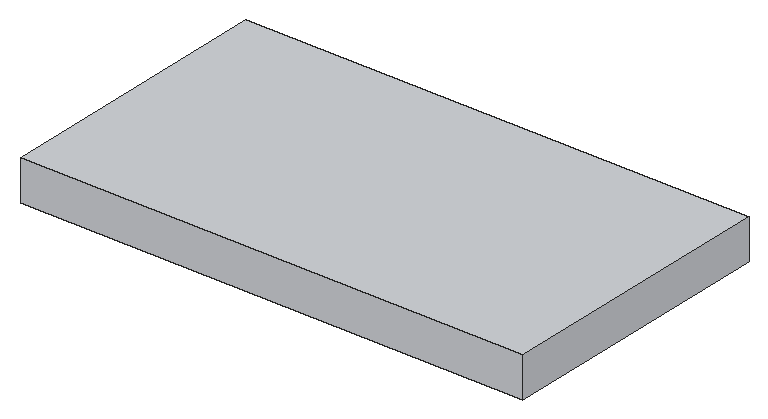
Revit family "Kanalschienengummi KG", category HLS-Bauteile, Revit 2023
Family settings
  Bemaßung runder Anschluss = Durchmesser verwenden
  Teiletyp = Normal
  Arbeitsebenenbasiert = Ja
  Immer vertikal = Nein
  Beim Laden mit Abzugskörper schneiden = Nein
  Beschriftungsausrichtung beibehalten = Nein
  Gemeinsam genutzt = Ja
  Raumberechnungspunkt = Nein
Parameters (values of type "Kanalschienengummi KG35")
  vpe = "20"
  max. Temperaturbeständigkeit = "100 °C"
  Default Elevation = 1219.2 mm
  Shore-Härte = ""
  Regelhalter [instance] = ""
  Profiltyp = "35"
  Montagelänge [instance] = 50 mm
  Mengeneinheit = "m"
  Materialname = "TPE"
  Material = "Kunststoff"
  Länge = 20000 mm
  Kurztext2 = "20 m Kunststoff"
  Kurztext1 = "Kanalschienengummi C-Profil 35"
  H = 4 mm
  Gewicht pro Stück = 0.00 kg
  Gewicht pro Bauteil = Gewicht pro Stück  # 0.00 kg
  Gewicht = 0.165 kg
  Farbe = "Schwarz"
  Fabrikat = "MEFA"
  EAN = "4250928455710"
  Dämmstärke = 6 mm
  Breite = 35 mm
  Baustoffklasse = ""
  B = 28 mm
  Artikelnummer = "710003502"
  Anschluss = "M8"
Types (6, lengths in mm): name | vpe | Shore-Härte | Profiltyp | Montagelänge | Mengeneinheit | Länge | Kurztext2 | Kurztext1 | H | Gewicht | EAN | Dämmstärke | Breite | Baustoffklasse | B | Artikelnummer | Anschluss
  Kanalschienengummi KG45 | "10" | "" | "45" | 50 | "m" | 10000 | "10 m Kunststoff" | "Kanalschienengummi C-Profil 45" | 4 | 0.224 kg | "4250928455727" | 4 | 40 | "" | 40 | "710004502" | "M10"
  Kanalschienengummi KG35 | "20" | "" | "35" | 50 | "m" | 20000 | "20 m Kunststoff" | "Kanalschienengummi C-Profil 35" | 4 | 0.165 kg | "4250928455710" | 6 | 35 | "" | 28 | "710003502" | "M8"
  Kanalschienengummi KG27/18 | "20" | "" | "27/18" | 50 | "m" | 20000 | "20 m Kunststoff" | "Kanalschienengummi C-Profil 27" | 3 | 0.099 kg | "4250928459305" | 6 | 26 | "" | 22 | "710001901" | "M8"
  Stex Schienengummi 35 | "20" | "45 Shore" | "Stex 35" | 50 | "m" | 20000 | "20 m Kunststoff" | "Kanalschienengummi C-Profil Stex 35" | 3.8 | 0.328 kg | "4250928424372" | 5 | 35 | "" | 35 | "1272019" | "M8"
  Stex Schienengummi 35, Abschnitt 50 mm | "50" | "45 Shore" | "Stex 35" | 50 | "St" | 50 | "50 mm Kunststoff" | "Schalldämmprofil C-Profil Stex 35" | 3.8 | 0.016 kg | "4250928424389" | 5 | 35 | "B2" | 35 | "1272020" | "M8"
  Kanalschienengummi KG45 Abschnitt 100mm | "50" | "" | "45" | 100 | "St" | 100 | "100 mm Kunststoff" | "Schalldämmprofil C-Profil  45" | 4 | 0.0224 kg | "4250928466662" | 4 | 40 | "B2" | 40 | "710004502/0100" | "M10"
Reference planes
  plane 1 "Mitte (Vorne/hinten)": y = 0
  plane 2: z = 0
  plane 3 "Mitte (Links/rechts)": x = 0
  plane 4: z = 4
  plane 5: y = 14
  plane 6: y = -14
Forms (mm)
  Extrusion 1, solid
    sketch origin (-97.5, -2.28, 0) x (1, 0, 0) y (0, 1, 0)
      loop
        line (122.5, -11.72) -> (122.5, 16.28) -> (72.5, 16.28) -> (72.5, -11.72) -> (122.5, -11.72)
    from 0 to 4
Lines and regions (mm)
  reference lines
    curve 1: line (25, 0, 30.606) -> (25, 0, -37.571)
    curve 2: line (-25, 0, 47.429) -> (-25, 0, -37.571)
Dimensions and locks
  equal spacing: curve 1, plane 3 "Mitte (Links/rechts)", curve 2
  "Montagelänge": curve 1 to curve 2
  "H": level to plane 4
  equal spacing: plane 5, plane 1 "Mitte (Vorne/hinten)", plane 6
  "B": plane 5 to plane 6
  aligned and locked: level to plane 2
  aligned and locked: curve 1 to Extrusion 1
  aligned and locked: Extrusion 1 to curve 2
  aligned and locked: plane 4 to Extrusion 1
  aligned and locked: Extrusion 1 to plane 5
  aligned and locked: plane 6 to Extrusion 1
Automatic sketch dimensions
  Extrusion 1 sketch curve to plane 3 "Mitte (Links/rechts)" = 25 mm
  plane 3 "Mitte (Links/rechts)" to Extrusion 1 sketch curve = 25 mm
  plane 1 "Mitte (Vorne/hinten)" to Extrusion 1 sketch curve = 14 mm
  Extrusion 1 sketch curve to plane 1 "Mitte (Vorne/hinten)" = 14 mm
  curve 1 to level = 37.571 mm
  curve 2 to level = 37.571 mm
  plane 4 to curve 1 = 26.606 mm
  plane 4 to curve 2 = 43.429 mm
